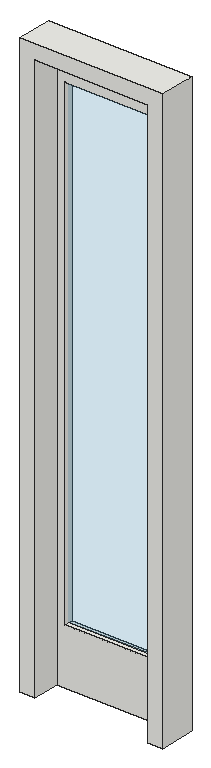
Revit family "Door-Exterior-Side_Lite-Full Flat Glass-Wood_Clad", category Doors, host Wall, Revit 2019
Family settings
  Host = Wall
  OmniClass Number = 23.30.10.14
  OmniClass Title = Passage Doors by Material
  Always vertical = Yes
  Cut with Voids When Loaded = No
  Shared = No
  Room Calculation Point = No
Parameters (values of type "19" x 96"")
  Visual Light Transmittance = 0
  Trim Material = Laminate - Ivory, Matte
  Top Rail = 4 3/4"
  Thickness = 1 3/8"
  Thermal Resistance (R) = 1.0696 (h·ft²·°F)/BTU
  Stiles = 1 3/8"
  Solar Heat Gain Coefficient = 0
  Rough Width = Width + 5"  # 24"
  Rough Height = Height + 2 1/2"  # 98 1/2"
  Panel Material = Laminate - Ivory, Matte
  Height = 96"
  Wall Closure = By host
  Width = 19"
  Heat Transfer Coefficient (U) = 0.9350 BTU/(h·ft²·°F)
  Glazing = Glass
  Function = Exterior
  Frame Material = Laminate - Ivory, Matte
  Door Offset [instance] = 0"
  Bottom Rail = 9 1/2"
  Construction Type = ""
  Assembly Code = "B2030100"
  Analytic Construction = "French door, wood frame with single glass"
Reference planes (in)
  plane 1 "Center (Front/Back)": y = 0
  plane 2 "Center (Left/Right)": x = 0
  plane 3 "Left": x = -12
  plane 4 "Right": x = 12
  plane 5 "Top": z = 98.5
  plane 6 "Door Offset": y = 2.875
  plane 7 "Interior": y = -3.125
  plane 8 "Door Panel Left": x = -9.5
  plane 9 "Door Panel Right": x = 9.5
  plane 10 "Top Of Panel": z = 96
  plane 11: z = 0
  plane 12: z = 0
  plane 13: x = 11.75
  plane 14: y = 1.5
  plane 15: y = 0.125
  plane 16: x = 9
  plane 17: y = 1.5
  plane 18: z = 48
  plane 19: z = 91.25
  plane 20 "2": x = -8.125
  plane 21: y = 2.05
  plane 22: y = 2.325
  plane 23: y = 1.775
  plane 24: y = 2.6
  plane 25: z = 48
  plane 26: z = 0
  plane 27 "1": x = 8.125
  plane 28: x = -0.6875
  plane 29: x = 0.6875
  plane 30: z = 46.625
  plane 31: x = 9
  plane 32: y = 1.95833
  plane 33: y = 2.41667
  plane 34: z = 9.5
  plane 35: y = 2.1875
  plane 36 "Exterior": y = 2.875
Forms (in)
  Sweep 1, solid, material "Laminate - Ivory, Matte" <- "Frame Material"
    path origin (0, 0, 0) x (1, 0, 0) y (0, 0, 1)
      loop
        line (12, 0) -> (12, 98.5) -> (-12, 98.5) -> (-12, 0)
    profile origin (12, 0, 49.25) x (-1, 0, 0) y (0, -1, 0)
      loop
        line (2.5, -2.875) -> (2.5, 3.125) -> (0, 3.125) -> (0, -2.875) -> (2.5, -2.875)
  Extrusion 2, solid, material "Laminate - Ivory, Matte" <- "Panel Material"
    sketch origin (0, 0, 0) x (1, 0, 0) y (0, 0, 1)
      loop
        line (9.5, 96) -> (-9.5, 96) -> (-9.5, 0) -> (9.5, 0) -> (9.5, 96)
      loop
        line (-8.125, 91.25) -> (-8.125, 9.5) -> (8.125, 9.5) -> (8.125, 91.25) -> (-8.125, 91.25)
    from -2.875 to -1.5
  Extrusion 3, solid, material "Glass" <- "Glazing"
    sketch origin (0, 0, 0) x (1, 0, 0) y (0, 0, 1)
      loop
        line (-8.125, 91.25) -> (-8.125, 9.5) -> (8.125, 9.5) -> (8.125, 91.25) -> (-8.125, 91.25)
    from -2.325 to -2.05
Lines and regions (in)
  Opening 1
    outline origin (-90, -3.125, 0) x (1, 0, 0) y (0, 0, 1)
      loop
        line (78, 0) -> (102, 0) -> (102, 98.5) -> (78, 98.5) -> (78, 0)
  Masking region 1
    outline origin (0, 0, 0) x (1, 0, 0) y (0, 1, 0)
      loop
        line (-12, 2.875) -> (-12, -3.125) -> (-9.5, -3.125) -> (-9.5, 2.875) -> (-12, 2.875)
      loop
        line (12, 2.875) -> (9.5, 2.875) -> (9.5, -3.125) -> (12, -3.125) -> (12, 2.875)
  Masking region 2
    outline origin (0, 0, 0) x (0, 1, 0) y (0, 0, 1)
      loop
        line (2.875, 98.5) -> (-3.125, 98.5) -> (-3.125, 98.25) -> (2.875, 98.25) -> (2.875, 98.5)
  Masking region 3
    outline origin (0, 0, 0) x (1, 0, 0) y (0, 1, 0)
      loop
        line (-9.5, 2.875) -> (-9.5, 1.5) -> (9.5, 1.5) -> (9.5, 2.875) -> (-9.5, 2.875)
  model lines, style "DoorsGlassProjection"
    curve 1: line (8.125, 2.1875, 91.25) -> (8.125, 2.1875, 9.5)
    curve 2: line (-8.125, 2.1875, 91.25) -> (-8.125, 2.1875, 9.5)
  symbolic lines, style "DoorsGlassProjection"
    curve 3: line (-9.5, 2.1875, 0) -> (9.5, 2.1875, 0)
Text (in)
  text "Exterior" at (-74.96733, 27.31104, 0), in view "Ref. Level"
  text "Interior" at (-74.96733, -25.14366, 0), in view "Ref. Level"
  text "Exterior" at (0, 40.15149, 123.01588), in view "Right"
  text "Interior" at (0, -64.39139, 123.01588), in view "Right"
  text "Interior" at (0, -31.01599, 123.00693), in view "Left"
  text "Exterior" at (0, 54.57065, 123.00693), in view "Left"
Dimensions and locks (in)
  equal spacing: plane 3 "Left", plane 2 "Center (Left/Right)", plane 4 "Right"
  "Rough Height": level to plane 5 "Top"
  equal spacing: plane 8 "Door Panel Left", plane 2 "Center (Left/Right)", plane 9 "Door Panel Right"
  "Width": plane 8 "Door Panel Left" to plane 9 "Door Panel Right"
  "Height": level to plane 10 "Top Of Panel"
  plane 11 to plane 12 = 0"
  locked: plane 13 to plane 4 "Right" at 0.25
  "Thickness": plane 14 to plane 6 "Door Offset"
  locked: plane 14 to plane 15 at 1.375
  locked: plane 16 to plane 9 "Door Panel Right" at 0.5
  "Thickness": plane 6 "Door Offset" to plane 17
  "Rough Width": plane 3 "Left" to plane 4 "Right"
  "Top Rail": plane 19 to plane 10 "Top Of Panel"
  "Stiles": plane 8 "Door Panel Left" to plane 20 "2"
  equal spacing: plane 11, plane 25, plane 10 "Top Of Panel"
  plane 22 to plane 21 = 0.275"
  plane 12 to plane 26 = 0"
  "Stiles": plane 27 "1" to plane 9 "Door Panel Right"
  "Stiles": plane 30 to plane 25
  "Stiles": plane 29 to plane 28
  equal spacing: plane 29, plane 2 "Center (Left/Right)", plane 28
  plane 31 to plane 4 "Right" = 3"
  equal spacing: plane 17, plane 23, plane 21, plane 22, plane 24, plane 6 "Door Offset"
  equal spacing: plane 17, plane 32, plane 33, plane 6 "Door Offset"
  "Bottom Rail": plane 26 to plane 34
  equal spacing: plane 22, plane 35, plane 21
  equal spacing: plane 17, curve 3, plane 6 "Door Offset"
  "Door Offset": plane 36 "Exterior" to plane 6 "Door Offset"
  plane 9 "Door Panel Right" to plane 4 "Right" = 2 1/2"
  aligned and locked: plane 3 "Left" to Opening 1 sketch curve
  aligned and locked: plane 5 "Top" to Opening 1 sketch curve  (x2)
  aligned and locked: Opening 1 sketch curve to plane 4 "Right"
  aligned and locked: Opening 1 sketch curve to level
  aligned and locked: plane 7 "Interior" to host wall
  aligned and locked: plane 5 "Top" to Sweep 1 sketch curve
  aligned and locked: plane 4 "Right" to Sweep 1 sketch curve
  aligned and locked: Sweep 1 sketch curve to plane 3 "Left"
  aligned and locked: plane 11 to level
  aligned and locked: plane 11 to Sweep 1 sketch curve  (x2)
  aligned and locked: Sweep 1 sketch curve to plane 9 "Door Panel Right"
  aligned and locked: Sweep 1 sketch curve to plane 7 "Interior"
  aligned and locked: Extrusion 2 sketch curve to plane 10 "Top Of Panel"
  aligned and locked: Extrusion 2 sketch curve to plane 8 "Door Panel Left"
  aligned and locked: Extrusion 2 to plane 17
  aligned and locked: Extrusion 2 to plane 6 "Door Offset"
  aligned and locked: Extrusion 2 sketch curve to plane 20 "2"
  aligned and locked: Extrusion 3 sketch curve to plane 20 "2"
  aligned and locked: plane 22 to Extrusion 3
  aligned and locked: Extrusion 3 to plane 21
  aligned and locked: Masking region 1 sketch curve to plane 3 "Left"
  aligned and locked: plane 8 "Door Panel Left" to Masking region 1 sketch curve
  aligned and locked: Masking region 1 sketch curve to plane 7 "Interior"
  aligned and locked: plane 6 "Door Offset" to Masking region 1 sketch curve
  aligned and locked: plane 9 "Door Panel Right" to Masking region 1 sketch curve
  aligned and locked: Masking region 1 sketch curve to plane 4 "Right"
  aligned and locked: plane 7 "Interior" to Masking region 1 sketch curve
  aligned and locked: Masking region 1 sketch curve to plane 6 "Door Offset"
  aligned and locked: host wall to Sweep 1 sketch curve
  aligned and locked: Masking region 2 sketch curve to host wall
  aligned and locked: host wall to Masking region 2 sketch curve
  aligned and locked: plane 7 "Interior" to Masking region 2 sketch curve
  aligned and locked: Extrusion 3 sketch curve to plane 27 "1"
  aligned and locked: plane 19 to Extrusion 2
  aligned and locked: plane 25 to plane 18
  aligned and locked: plane 34 to Extrusion 2
  aligned and locked: Extrusion 3 to plane 34
  aligned and locked: Masking region 3 sketch curve to Extrusion 2  (x3)
  aligned and locked: Sweep 1 to Masking region 3 sketch curve
  aligned and locked: curve 1 to plane 35
  aligned and locked: plane 19 to curve 1
  aligned and locked: plane 34 to curve 1
  aligned and locked: curve 2 to plane 35
  aligned and locked: plane 19 to curve 2
  aligned and locked: plane 34 to curve 2
  aligned and locked: plane 8 "Door Panel Left" to curve 3
  aligned and locked: plane 9 "Door Panel Right" to curve 3
  aligned and locked: host wall to plane 36 "Exterior"
  aligned and locked: plane 6 "Door Offset" to Sweep 1 sketch curve
Automatic sketch dimensions
  plane 5 "Top" to Masking region 2 sketch curve = 1/4"
  plane 27 "1" to Extrusion 2 sketch curve = 0"
  plane 9 "Door Panel Right" to Extrusion 2 sketch curve = 0"
  Extrusion 2 sketch curve to plane 26 = 0"
  Extrusion 2 sketch curve to plane 19 = 0"
  Extrusion 2 sketch curve to plane 26 = 9 1/2"
  Extrusion 3 sketch curve to plane 19 = 0"
  Extrusion 3 sketch curve to plane 34 = 0"
